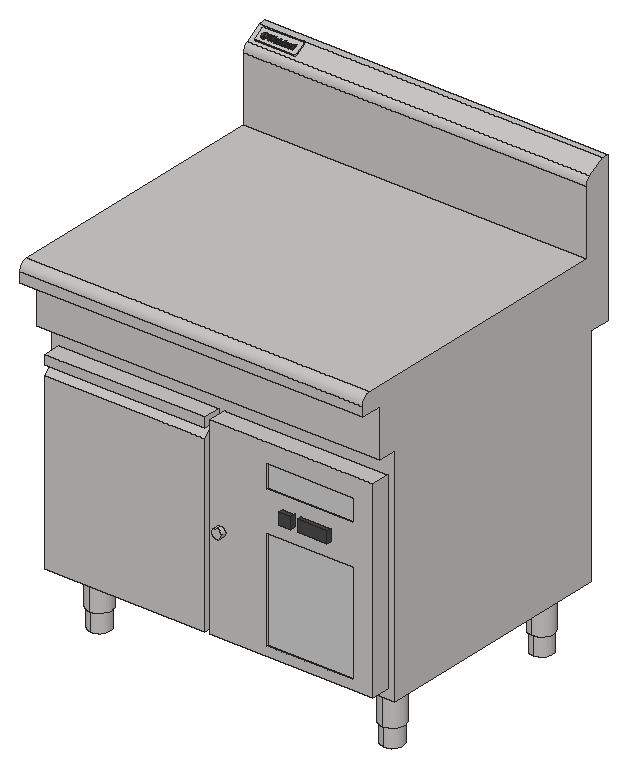
Revit family "QF_MOFFAT WALDORF_BT8900-RB", category Specialty Equipment, Revit 2012
Parameters
  Weight in Pounds = 225.7359  # constant formula
  Width [instance] = 900.00 mm  # constant formula
  Watts = 250 W
  Volts = 240 V
  URL Cutsheet = "www.moffat.com"
  URL = "www.moffat.com"
  Type Mark [instance] = ""
  Status [instance] = ""
  Specification by User [instance] = ""
  Specification by Manufacturer = ""
  Show Logo [instance] = yes
  Show Clearance [instance] = yes
  Show Casters [instance] = no
  Serial Number = ""
  Seismic Rating = ""
  SMACNA No = ""
  Revision Code [instance] = ""
  Refrigerant Type = "R134a"
  Phase = 1
  Omniclass Number and Title = ""
  Number of Poles = 1
  NAFEM Spec ID Number = ""
  Model = "BT8900-RB"
  Min Ckt Ampacity = 0 A
  Max Overcurrent Protection = 0 A
  Masterspec = ""
  Manufacturer = "MOFFAT WALDORF"
  Legs [instance] = not(Show Casters)  # yes
  Item Number [instance] = ""
  Installed By [instance] = ""
  Identify Quantity as Lot [instance] = yes
  Height = 1130.00 mm  # constant formula
  HP = ""
  Furnished By [instance] = ""
  Foodservice Equipment Identifier [instance] = yes
  FL Amps = 1.8 A
  Elec Conn RI Height = 0.00 mm
  Elec Conn Connection Height = 0.00 mm
  Description = "BENCH TOP ON REFRIGERATED BASE"
  Depth [instance] = 805.00 mm  # constant formula
  Cycle = 50 Hz
  Conn Plug = ""
  Conn Conduit = yes
  CSI MasterFormat = ""
  CSI Master Format = ""
  Body Finish = QF_Finishes_Stainless Steel
  Back Splash [instance] = 215.00 mm  # constant formula
  Apparent Power = if(Phase = 3, Volts * FL Amps * 1.73, Volts * FL Amps)  # 432 VA
Reference planes
  plane 1 "BACK": y = 0
  plane 2: z = 0
  plane 3 "LEFT": x = 0
  plane 4 "RIGHT": x = 900
  plane 5 "FRONT": y = -805
  plane 6 "TOP": z = 1130
  plane 7 "Center Y": x = 450
  plane 8 "Center X": y = -402.5
  plane 9 "Base Height": z = 150
  plane 10: z = 915
  plane 11: x = 65
  plane 12: x = 834.938
  plane 13: y = -625
  plane 14: z = 420
  plane 15: y = -135
Forms (mm)
  Extrusion 1, solid, material "QF_Finishes_Stainless Steel" <- "Body Finish"
    sketch origin (0, 0, 0) x (0, 1, 0) y (0, 0, 1)
      loop
        line (-699, 740) -> (-699, 150) -> (-57, 150) -> (-57, 740) -> (0, 740) -> (0, 1130) -> (-16.5, 1130) -> (-58, 1106.04)
        arc (-58, 1106.04) -> (-66.785, 1097.255) -> (-70, 1085.255) r 24
        line (-70, 1085.255) -> (-70, 915) -> (-781, 915)
        arc (-781, 915) -> (-797.971, 907.971) -> (-805, 891) r 24
        line (-805, 891) -> (-805, 866) -> (-749, 866) -> (-749, 740) -> (-699, 740)
    from 0 to 900
  Revolve 2, solid, material "QF_Finishes_Stainless Steel" <- "Body Finish", visible <- "Legs"
    sketch origin (65, -200, 0) x (0, 1, 0) y (0, 0, 1)
      loop
        line (33.25, 150) -> (33.25, 50) -> (37.5, 50) -> (37.5, 0) -> (65, 0) -> (65, 150) -> (33.25, 150)
      axis (65, 150) -> (65, 0)
    angle from 0 to 360
  Revolve 3, solid, material "QF_Finishes_Stainless Steel" <- "Body Finish"
    sketch origin (65, -735, 0) x (0, 1, 0) y (0, 0, 1)
      loop
        line (78.25, 150) -> (78.25, 50) -> (82.5, 50) -> (82.5, 0) -> (110, 0) -> (110, 150) -> (78.25, 150)
      axis (110, 150) -> (110, 0)
    angle from 0 to 360
  Revolve 4, solid, material "QF_Finishes_Stainless Steel" <- "Body Finish", visible <- "Legs"
    sketch origin (834.938, -200, 0) x (0, 1, 0) y (0, 0, -1)
      loop
        line (33.25, -150) -> (65, -150) -> (65, 0) -> (37.5, 0) -> (37.5, -50) -> (33.25, -50) -> (33.25, -150)
      axis (65, -150) -> (65, 0)
    angle from 0 to 360
  Revolve 5, solid, material "QF_Finishes_Stainless Steel" <- "Body Finish"
    sketch origin (834.938, -735, 0) x (0, 1, 0) y (0, 0, -1)
      loop
        line (78.25, -150) -> (110, -150) -> (110, 0) -> (82.5, 0) -> (82.5, -50) -> (78.25, -50) -> (78.25, -150)
      axis (110, -150) -> (110, 0)
    angle from 0 to 360
  Extrusion 6, solid, material "QF_Finishes_Stainless Steel" <- "Body Finish"
    sketch origin (0, 0, 0) x (0, 1, 0) y (0, 0, 1)
      loop
        line (-747, 678) -> (-747, 653) -> (-722, 653) -> (-747, 628) -> (-747, 173.1) -> (-702.18, 173.1) -> (-702.18, 678) -> (-747, 678)
    from 19 to 439
  Extrusion 7, solid, material "QF_Finishes_Stainless Steel" <- "Body Finish"
    sketch origin (0, -699, 1085.255) x (0, 0, -1) y (1, 0, 0)
      loop
        line (408.155, 881) -> (408.155, 453) -> (912.155, 453) -> (912.155, 881) -> (408.155, 881)
      loop
        line (887.155, 831) -> (622.155, 831) -> (622.155, 601) -> (887.155, 601) -> (887.155, 831)
      loop
        line (458.155, 831) -> (458.155, 601) -> (518.155, 601) -> (518.155, 831) -> (458.155, 831)
    from 0 to 48
  Extrusion 8, solid, material "QF_Finishes_Vents"
    sketch origin (0, -699, 1085.255) x (0, 0, 1) y (1, 0, 0)
      loop
        line (-518.155, 601) -> (-458.155, 601) -> (-458.155, 831) -> (-518.155, 831) -> (-518.155, 601)
      loop
        line (-622.155, 601) -> (-622.155, 831) -> (-887.155, 831) -> (-887.155, 601) -> (-622.155, 601)
    from 0 to -44.529
  Extrusion 9, solid, material "QF_Finishes_Black"
    sketch origin (0, -747, 1085.255) x (0, 0, -1) y (1, 0, 0)
      loop
        line (552.615, 644.926) -> (582.615, 644.926) -> (582.615, 674.926) -> (552.615, 674.926) -> (552.615, 644.926)
      loop
        line (552.615, 692.503) -> (582.615, 692.503) -> (582.615, 770.815) -> (552.615, 770.815) -> (552.615, 692.503)
    from 0 to 12.7
  Extrusion 10, solid, material "QF_Finishes_Stainless Steel"
    sketch origin (0, -747, 1085.255) x (0, 0, -1) y (1, 0, 0)
      loop
        circle (661.385, 480.856) r 12.395
    from 0 to 12.7
  Extrusion 11, solid, material "QF_Finishes_Stainless Steel"
    sketch origin (-144.5, -57, 740) x (0, 0, -1) y (-1, 0, 0)
      loop
        circle (320, -762.653) r 10
    from 0 to 1.993
  Extrusion 12, solid, material "QF_Door-Drawer Clearances", visible <- "Show Clearance", detail levels coarse
    sketch origin (0, -697, 173.1) x (-1, 0, 0) y (0, 1, 0)
      loop
        line (-19, -50) -> (-439, -50)
        arc (-439, -50) -> (-315.985, -346.985) -> (-19, -470) r 420
        line (-19, -470) -> (-19, -50)
    from 0 to -504.9
Lines and regions (mm)
  symbolic lines
    curve 1: line (0, 0, 0) -> (0, -805, 0)
    curve 2: line (900, 0, 0) -> (0, 0, 0)
    curve 3: line (900, -805, 0) -> (900, 0, 0)
    curve 4: line (0, -70, 0) -> (900, -70, 0)
    curve 5: line (0, -805, 0) -> (900, -805, 0)
    curve 6: line (12.5, -51.234, 0) -> (12.5, -20.958, 0)
    curve 7: line (121.5, -20.958, 0) -> (121.5, -51.234, 0)
    curve 8: line (12.5, -51.234, 0) -> (121.5, -51.234, 0)
    curve 9: line (12.5, -20.958, 0) -> (121.5, -20.958, 0)
    curve 10: line (129.5, -50.642, 0) -> (129.5, -22.583, 0)
    curve 11: line (129.5, -22.583, 0) -> (149.5, -22.583, 0)
    curve 12: line (149.5, -22.583, 0) -> (149.5, -50.642, 0)
    curve 13: line (149.5, -50.642, 0) -> (129.5, -50.642, 0)
    curve 14: line (156.456, -50.642, 0) -> (156.456, -22.583, 0)
    curve 15: line (156.456, -22.583, 0) -> (176.456, -22.583, 0)
    curve 16: line (176.456, -22.583, 0) -> (176.456, -50.642, 0)
    curve 17: line (176.456, -50.642, 0) -> (156.456, -50.642, 0)
    curve 18: line (183.554, -50.642, 0) -> (183.554, -22.583, 0)
    curve 19: line (183.554, -22.583, 0) -> (203.554, -22.583, 0)
    curve 20: line (203.554, -22.583, 0) -> (203.554, -50.642, 0)
    curve 21: line (203.554, -50.642, 0) -> (183.554, -50.642, 0)
    curve 22: line (210.547, -50.642, 0) -> (210.547, -22.583, 0)
    curve 23: line (210.547, -22.583, 0) -> (230.547, -22.583, 0)
    curve 24: line (230.547, -22.583, 0) -> (230.547, -50.642, 0)
    curve 25: line (230.547, -50.642, 0) -> (210.547, -50.642, 0)
    curve 26: line (237.5, -50.642, 0) -> (237.5, -22.583, 0)
    curve 27: line (237.5, -22.583, 0) -> (257.5, -22.583, 0)
    curve 28: line (257.5, -22.583, 0) -> (257.5, -50.642, 0)
    curve 29: line (257.5, -50.642, 0) -> (237.5, -50.642, 0)
    curve 30: line (264.5, -50.642, 0) -> (264.5, -22.583, 0)
    curve 31: line (264.5, -22.583, 0) -> (284.5, -22.583, 0)
    curve 32: line (284.5, -22.583, 0) -> (284.5, -50.642, 0)
    curve 33: line (284.5, -50.642, 0) -> (264.5, -50.642, 0)
    curve 34: line (291.5, -50.642, 0) -> (291.5, -22.583, 0)
    curve 35: line (291.5, -22.583, 0) -> (311.5, -22.583, 0)
    curve 36: line (311.5, -22.583, 0) -> (311.5, -50.642, 0)
    curve 37: line (311.5, -50.642, 0) -> (291.5, -50.642, 0)
    curve 38: line (318.5, -50.642, 0) -> (318.5, -22.583, 0)
    curve 39: line (318.5, -22.583, 0) -> (338.5, -22.583, 0)
    curve 40: line (338.5, -22.583, 0) -> (338.5, -50.642, 0)
    curve 41: line (338.5, -50.642, 0) -> (318.5, -50.642, 0)
    curve 42: line (345.5, -50.642, 0) -> (345.5, -22.583, 0)
    curve 43: line (345.5, -22.583, 0) -> (365.5, -22.583, 0)
    curve 44: line (365.5, -22.583, 0) -> (365.5, -50.642, 0)
    curve 45: line (365.5, -50.642, 0) -> (345.5, -50.642, 0)
    curve 46: line (372.5, -50.642, 0) -> (372.5, -22.583, 0)
    curve 47: line (372.5, -22.583, 0) -> (392.5, -22.583, 0)
    curve 48: line (392.5, -22.583, 0) -> (392.5, -50.642, 0)
    curve 49: line (392.5, -50.642, 0) -> (372.5, -50.642, 0)
    curve 50: line (399.5, -50.642, 0) -> (399.5, -22.583, 0)
    curve 51: line (399.5, -22.583, 0) -> (419.5, -22.583, 0)
    curve 52: line (419.5, -22.583, 0) -> (419.5, -50.642, 0)
    curve 53: line (419.5, -50.642, 0) -> (399.5, -50.642, 0)
    curve 54: line (426.5, -50.642, 0) -> (426.5, -22.583, 0)
    curve 55: line (426.5, -22.583, 0) -> (446.5, -22.583, 0)
    curve 56: line (446.5, -22.583, 0) -> (446.5, -50.642, 0)
    curve 57: line (446.5, -50.642, 0) -> (426.5, -50.642, 0)
    curve 58: line (453.5, -50.642, 0) -> (453.5, -22.583, 0)
    curve 59: line (453.5, -22.583, 0) -> (473.5, -22.583, 0)
    curve 60: line (473.5, -22.583, 0) -> (473.5, -50.642, 0)
    curve 61: line (473.5, -50.642, 0) -> (453.5, -50.642, 0)
    curve 62: line (480.5, -50.642, 0) -> (480.5, -22.583, 0)
    curve 63: line (480.5, -22.583, 0) -> (500.5, -22.583, 0)
    curve 64: line (500.5, -22.583, 0) -> (500.5, -50.642, 0)
    curve 65: line (500.5, -50.642, 0) -> (480.5, -50.642, 0)
    curve 66: line (507.5, -50.642, 0) -> (507.5, -22.583, 0)
    curve 67: line (507.5, -22.583, 0) -> (527.5, -22.583, 0)
    curve 68: line (527.5, -22.583, 0) -> (527.5, -50.642, 0)
    curve 69: line (527.5, -50.642, 0) -> (507.5, -50.642, 0)
    curve 70: line (534.5, -50.642, 0) -> (534.5, -22.583, 0)
    curve 71: line (534.5, -22.583, 0) -> (554.5, -22.583, 0)
    curve 72: line (554.5, -22.583, 0) -> (554.5, -50.642, 0)
    curve 73: line (554.5, -50.642, 0) -> (534.5, -50.642, 0)
    curve 74: line (561.5, -50.642, 0) -> (561.5, -22.583, 0)
    curve 75: line (561.5, -22.583, 0) -> (581.5, -22.583, 0)
    curve 76: line (581.5, -22.583, 0) -> (581.5, -50.642, 0)
    curve 77: line (581.5, -50.642, 0) -> (561.5, -50.642, 0)
    curve 78: line (588.5, -50.642, 0) -> (588.5, -22.583, 0)
    curve 79: line (588.5, -22.583, 0) -> (608.5, -22.583, 0)
    curve 80: line (608.5, -22.583, 0) -> (608.5, -50.642, 0)
    curve 81: line (608.5, -50.642, 0) -> (588.5, -50.642, 0)
    curve 82: line (615.5, -50.642, 0) -> (615.5, -22.583, 0)
    curve 83: line (615.5, -22.583, 0) -> (635.5, -22.583, 0)
    curve 84: line (635.5, -22.583, 0) -> (635.5, -50.642, 0)
    curve 85: line (635.5, -50.642, 0) -> (615.5, -50.642, 0)
    curve 86: line (642.5, -50.642, 0) -> (642.5, -22.583, 0)
    curve 87: line (642.5, -22.583, 0) -> (662.5, -22.583, 0)
    curve 88: line (662.5, -22.583, 0) -> (662.5, -50.642, 0)
    curve 89: line (662.5, -50.642, 0) -> (642.5, -50.642, 0)
    curve 90: line (669.5, -50.642, 0) -> (669.5, -22.583, 0)
    curve 91: line (669.5, -22.583, 0) -> (689.5, -22.583, 0)
    curve 92: line (689.5, -22.583, 0) -> (689.5, -50.642, 0)
    curve 93: line (689.5, -50.642, 0) -> (669.5, -50.642, 0)
    curve 94: line (696.5, -50.642, 0) -> (696.5, -22.583, 0)
    curve 95: line (696.5, -22.583, 0) -> (716.5, -22.583, 0)
    curve 96: line (716.5, -22.583, 0) -> (716.5, -50.642, 0)
    curve 97: line (716.5, -50.642, 0) -> (696.5, -50.642, 0)
    curve 98: line (723.5, -50.642, 0) -> (723.5, -22.583, 0)
    curve 99: line (723.5, -22.583, 0) -> (743.5, -22.583, 0)
    curve 100: line (743.5, -22.583, 0) -> (743.5, -50.642, 0)
    curve 101: line (743.5, -50.642, 0) -> (723.5, -50.642, 0)
    curve 102: line (750.5, -50.642, 0) -> (750.5, -22.583, 0)
    curve 103: line (750.5, -22.583, 0) -> (770.5, -22.583, 0)
    curve 104: line (770.5, -22.583, 0) -> (770.5, -50.642, 0)
    curve 105: line (770.5, -50.642, 0) -> (750.5, -50.642, 0)
  symbolic lines, style "QF_Door-Drawer Clearances"
    curve 106: line (77, -805, 0) -> (315.985, -1043.985, 0)
    curve 107: arc (434.976, -805, 0) -> (394.974, -934.199, 0) -> (315.985, -1043.985, 0) r 420
Dimensions and locks
  equal spacing: plane 3 "LEFT", plane 7 "Center Y", plane 4 "RIGHT"
  "Width": plane 3 "LEFT" to plane 4 "RIGHT"
  equal spacing: plane 5 "FRONT", plane 8 "Center X", plane 1 "BACK"
  "Depth": plane 5 "FRONT" to plane 1 "BACK"
  locked: plane 10 to level at 915
  locked: plane 9 "Base Height" to level at 150
  plane 6 "TOP" to nested 1 to nested 1 to plane 10 = 1.099 mm locked, 17.226 mm locked, 196.675 mm
  plane 12 to plane 11 = 769.938 mm
  "Height": plane 6 "TOP" to level
  plane 13 to plane 15 = 490.00 mm
  aligned and locked: level to plane 2
Automatic sketch dimensions
  Revolve 2 sketch curve to plane 9 "Base Height" = 0.00 mm
  Revolve 2 sketch curve to level = 0.00 mm
  Revolve 2 sketch curve to Revolve 2 sketch curve = 27.50 mm  (x2)
  Revolve 2 sketch curve to Revolve 2 sketch curve = 31.75 mm
  Revolve 2 sketch curve to level = 55.00 mm
  Revolve 2 sketch curve to Revolve 2 sketch curve = 50.00 mm
  Revolve 2 sketch curve to Revolve 2 sketch curve = 0.00 mm
  Revolve 3 sketch curve to plane 9 "Base Height" = 0.00 mm
  Revolve 3 sketch curve to level = 0.00 mm
  Revolve 3 sketch curve to plane 13 = 0.00 mm  (x2)
  Revolve 3 sketch curve to plane 13 = 27.50 mm
  Revolve 3 sketch curve to Revolve 3 sketch curve = 31.75 mm
  Revolve 3 sketch curve to Revolve 3 sketch curve = 55.00 mm
  level to Revolve 3 sketch curve = 50.00 mm
  Revolve 3 sketch curve to Revolve 3 sketch curve = 0.00 mm
  Revolve 4 sketch curve to plane 9 "Base Height" = 0.00 mm
  Revolve 4 sketch curve to level = 0.00 mm
  Revolve 4 sketch curve to Revolve 4 sketch curve = 27.50 mm  (x2)
  Revolve 4 sketch curve to Revolve 4 sketch curve = 31.75 mm
  level to Revolve 4 sketch curve = 50.00 mm
  Revolve 4 sketch curve to Revolve 4 sketch curve = 0.00 mm
  Revolve 4 sketch curve to Revolve 4 sketch curve = 55.00 mm
  Revolve 5 sketch curve to plane 9 "Base Height" = 0.00 mm
  Revolve 5 sketch curve to level = 0.00 mm
  Revolve 5 sketch curve to plane 13 = 0.00 mm  (x2)
  Revolve 5 sketch curve to plane 13 = 27.50 mm
  Revolve 5 sketch curve to plane 13 = 31.75 mm
  level to Revolve 5 sketch curve = 50.00 mm
  Revolve 5 sketch curve to Revolve 5 sketch curve = 0.00 mm
  Revolve 5 sketch curve to Revolve 5 sketch curve = 55.00 mm
  Extrusion 6 sketch curve to plane 5 "FRONT" = 58.00 mm
  Extrusion 6 sketch curve to Extrusion 6 sketch curve = 25.00 mm  (x3)
  Extrusion 6 sketch curve to Extrusion 6 sketch curve = 19.82 mm
  Extrusion 6 sketch curve to Extrusion 6 sketch curve = 454.90 mm
  Extrusion 7 sketch curve to Extrusion 7 sketch curve = 50.00 mm  (x2)
  Extrusion 7 sketch curve to Extrusion 7 sketch curve = 25.00 mm
  Extrusion 7 sketch curve to Extrusion 7 sketch curve = 148.00 mm  (x2)
  Extrusion 7 sketch curve to Extrusion 7 sketch curve = 60.00 mm
  Extrusion 7 sketch curve to Extrusion 7 sketch curve = 265.00 mm
  Extrusion 1 sketch curve to plane 5 "FRONT" = 0.00 mm
  Extrusion 1 sketch curve to plane 10 = 0.00 mm
  Extrusion 1 sketch curve to plane 9 "Base Height" = 0.00 mm
  Extrusion 1 sketch curve to plane 6 "TOP" = 0.00 mm
  Extrusion 1 sketch curve to plane 5 "FRONT" = 24.00 mm
  Extrusion 1 sketch curve to plane 5 "FRONT" = 56.00 mm
  Extrusion 1 sketch curve to plane 13 = 74.00 mm
  Extrusion 1 sketch curve to plane 6 "TOP" = 23.96 mm
  Extrusion 1 sketch curve to Extrusion 1 sketch curve = 12.00 mm  (x2)
  Extrusion 1 sketch curve to Extrusion 1 sketch curve = 16.50 mm
  Extrusion 1 sketch curve to plane 10 = 175.00 mm
  Extrusion 1 sketch curve to Extrusion 1 sketch curve = 151.00 mm
  Extrusion 1 sketch curve to Extrusion 1 sketch curve = 25.00 mm
  Extrusion 1 sketch curve to plane 1 "BACK" = 0.00 mm
  Extrusion 7 to Extrusion 8 sketch curve = 0.00 mm  (x2)
  Extrusion 8 sketch curve to Extrusion 7 = 0.00 mm  (x6)
  Extrusion 9 sketch curve to Extrusion 7 = 34.46 mm  (x2)
  Extrusion 9 sketch curve to Extrusion 9 sketch curve = 30.00 mm  (x2)
  Extrusion 9 sketch curve to Extrusion 9 sketch curve = 0.00 mm
  Extrusion 7 to Extrusion 9 sketch curve = 43.926 mm
  Extrusion 9 sketch curve to Extrusion 9 sketch curve = 17.577 mm
  Extrusion 7 to Extrusion 9 sketch curve = 60.185 mm
  Extrusion 7 to Extrusion 10 sketch curve = 39.229 mm
  Extrusion 10 sketch curve to Extrusion 7 = 27.856 mm
  Extrusion 11 sketch curve to Extrusion 1 = 320.00 mm
  Extrusion 1 to Extrusion 11 sketch curve = 281.847 mm
  Extrusion 6 sketch curve to plane 14 = 246.90 mm
  Extrusion 6 sketch curve to Extrusion 6 sketch curve = 44.82 mm
  Extrusion 12 sketch curve to Extrusion 6 = 0.00 mm  (x3)
  curve 1 to plane 3 "LEFT" = 0.00 mm
  plane 5 "FRONT" to curve 107 = 0.00 mm
  curve 3 to plane 4 "RIGHT" = 0.00 mm
  plane 1 "BACK" to curve 2 = 0.00 mm
  plane 3 "LEFT" to curve 6 = 12.50 mm
  plane 3 "LEFT" to curve 107 = 19.00 mm
  plane 11 to curve 106 = 12.00 mm
  plane 1 "BACK" to curve 7 = 20.958 mm
  plane 11 to curve 7 = 56.50 mm
  curve 7 to curve 11 = 8.00 mm
  curve 10 to curve 12 = 20.00 mm
  curve 12 to curve 17 = 6.956 mm
  curve 14 to curve 16 = 20.00 mm
  curve 15 to curve 19 = 7.098 mm
  curve 18 to curve 20 = 20.00 mm
  curve 19 to curve 22 = 6.993 mm
  curve 22 to curve 24 = 20.00 mm
  curve 24 to curve 26 = 6.953 mm
  curve 26 to curve 29 = 20.00 mm
  curve 27 to curve 31 = 7.00 mm
  curve 30 to curve 32 = 20.00 mm
  curve 31 to curve 34 = 7.00 mm
  curve 34 to curve 36 = 20.00 mm
  curve 107 to plane 7 "Center Y" = 134.015 mm
  curve 36 to curve 38 = 7.00 mm
  curve 38 to curve 39 = 20.00 mm
  curve 40 to curve 45 = 7.00 mm
  curve 42 to curve 44 = 20.00 mm
  curve 44 to curve 49 = 7.00 mm
  curve 46 to curve 47 = 20.00 mm
  curve 48 to curve 50 = 7.00 mm
  curve 50 to curve 51 = 20.00 mm
  curve 51 to curve 54 = 7.00 mm
  curve 107 to plane 7 "Center Y" = 15.024 mm
  curve 56 to plane 7 "Center Y" = 3.50 mm
  plane 7 "Center Y" to curve 58 = 3.50 mm
  curve 58 to curve 60 = 20.00 mm
  curve 60 to curve 62 = 7.00 mm
  curve 62 to curve 64 = 20.00 mm
  curve 64 to curve 66 = 7.00 mm
  curve 66 to curve 68 = 20.00 mm
  curve 68 to curve 70 = 7.00 mm
  curve 70 to curve 72 = 20.00 mm
  curve 71 to curve 74 = 7.00 mm
  curve 74 to curve 76 = 20.00 mm
  curve 76 to curve 78 = 7.00 mm
  curve 78 to curve 80 = 20.00 mm
  curve 80 to curve 82 = 7.00 mm
  curve 82 to curve 84 = 20.00 mm
  curve 84 to curve 86 = 7.00 mm
  curve 86 to curve 88 = 20.00 mm
  curve 88 to curve 90 = 7.00 mm
  curve 90 to curve 92 = 20.00 mm
  curve 92 to curve 94 = 7.00 mm
  curve 94 to curve 96 = 20.00 mm
  curve 95 to curve 98 = 7.00 mm
  curve 98 to curve 100 = 20.00 mm
  curve 99 to curve 102 = 7.00 mm
  curve 102 to curve 104 = 20.00 mm
  plane 5 "FRONT" to curve 107 = 238.985 mm
  curve 8 to curve 7 = 30.277 mm
  curve 7 to curve 10 = 0.592 mm
  curve 101 to curve 102 = 0.00 mm
  curve 12 to curve 14 = 0.00 mm  (x2)
  curve 97 to curve 98 = 0.00 mm
  curve 16 to curve 18 = 0.00 mm  (x2)
  curve 93 to curve 94 = 0.00 mm
  curve 20 to curve 22 = 0.00 mm  (x2)
  curve 89 to curve 90 = 0.00 mm
  curve 24 to curve 26 = 0.00 mm  (x2)
  curve 85 to curve 86 = 0.00 mm
  curve 28 to curve 30 = 0.00 mm  (x2)
  curve 81 to curve 82 = 0.00 mm
  curve 32 to curve 34 = 0.00 mm  (x2)
  curve 77 to curve 78 = 0.00 mm
  curve 36 to curve 38 = 0.00 mm  (x2)
  curve 73 to curve 74 = 0.00 mm
  curve 40 to curve 42 = 0.00 mm  (x2)
  curve 69 to curve 70 = 0.00 mm
  curve 44 to curve 46 = 0.00 mm  (x2)
  curve 65 to curve 66 = 0.00 mm
  curve 48 to curve 50 = 0.00 mm  (x2)
  curve 61 to curve 62 = 0.00 mm
  curve 52 to curve 54 = 0.00 mm  (x2)
  plane 1 "BACK" to curve 56 = 22.583 mm
  curve 55 to curve 58 = 0.00 mm
  curve 59 to curve 62 = 0.00 mm
  curve 63 to curve 66 = 0.00 mm
  curve 67 to curve 70 = 0.00 mm
  curve 71 to curve 74 = 0.00 mm
  curve 75 to curve 78 = 0.00 mm
  curve 79 to curve 82 = 0.00 mm
  curve 83 to curve 86 = 0.00 mm
  curve 87 to curve 90 = 0.00 mm
  curve 91 to curve 94 = 0.00 mm
  curve 95 to curve 98 = 0.00 mm
  curve 99 to curve 102 = 0.00 mm
  curve 4 to curve 6 = 18.766 mm
  curve 105 to curve 102 = 28.059 mm
  plane 1 "BACK" to Extrusion 1 sketch curve = 70.00 mm
  plane 1 "BACK" to Extrusion 1 sketch curve = 57.00 mm
  plane 1 "BACK" to Revolve 2 sketch curve = 166.75 mm
  plane 1 "BACK" to Revolve 4 sketch curve = 166.75 mm
  plane 7 "Center Y" to Extrusion 7 sketch curve = 3.00 mm
  Extrusion 7 sketch curve to plane 10 = 237.90 mm
  plane 14 to Extrusion 7 sketch curve = 43.10 mm
  plane 12 to Extrusion 7 sketch curve = 3.937 mm  (x2)
  radius of Extrusion 10 sketch curve = 12.395 mm
  radius of Extrusion 11 sketch curve = 10.00 mm
Nested families
  nested 1: "WALDORF-LOGO" at (12.5, -35.273, 1102.604), visible <- "Show Logo", type "WALDORF-LOGO", detail levels medium+fine
    with Type Mark "", Status "", Specification by User "", Revision Code "", Item Number "", Installed By "", Identify Quantity as Lot yes, Furnished By "", Foodservice Equipment Identifier yes
  nested 2: "BT8900-RB-CASTERS" at (65, -135, 0), Show Casters <- "Show Casters", visible <- "Show Casters", type "BT8900-RB-CASTERS"
    with Type Mark "", Status "", Specification by User "", Show Casters no, Revision Code "", Item Number "", Installed By "", Identify Quantity as Lot yes, Furnished By "", Foodservice Equipment Identifier yes
  nested 3: "BT8900-RB-CASTERS" at (835, -135, 0), Show Casters <- "Show Casters", visible <- "Show Casters", type "BT8900-RB-CASTERS"
    with Type Mark "", Status "", Specification by User "", Show Casters no, Revision Code "", Item Number "", Installed By "", Identify Quantity as Lot yes, Furnished By "", Foodservice Equipment Identifier yes
Connectors
  electrical at (618.153, -55.007, 420), driven by "Volts", driven by "Watts"
    settings: on Extrusion 11, index 1, voltage 240 V, apparent load 250 VA, apparent load phase1 0 VA, apparent load phase2 0 VA, apparent load phase3 0 VA, power factor 1, load classification "Other", number of poles 1, system type 30, power factor state 1, is connector primary yes, connector utility no, sub classification motor no, connector description "ELECTRICAL CONNECTION"
Definition of nested family "WALDORF-LOGO"
  Parameters (values of type "BT8300-CB-LOGO")
    Weight in Pounds = 0
    URL Cutsheet = ""
    Type Mark [instance] = ""
    Status [instance] = ""
    Specification by User [instance] = ""
    Specification by Manufacturer = ""
    Show Logo [instance] = yes
    Serial Number = ""
    Seismic Rating = ""
    SMACNA No = ""
    Revision Code [instance] = ""
    Omniclass Number and Title = ""
    NAFEM Spec ID Number = ""
    Masterspec = ""
    Item Number [instance] = ""
    Installed By [instance] = ""
    Identify Quantity as Lot [instance] = yes
    Furnished By [instance] = ""
    Foodservice Equipment Identifier [instance] = yes
    CSI MasterFormat = ""
    CSI Master Format = ""
  Reference planes
    plane 1 "BACK": y = 0
    plane 2: z = 0
    plane 3 "LEFT": x = 0
    plane 4 "RIGHT": x = 109
    plane 5 "FRONT": y = -1.588
    plane 6 "TOP": z = 34.14
    plane 7 "Center Y": x = 54.5
    plane 8 "Center X": y = -0.794
  Forms (mm)
    Extrusion 1, solid, material "QF_Finishes_Stainless Steel", visible <- "Show Logo"
      sketch origin (0, -15.16, 7.701) x (1, 0, 0) y (0, 0.863373, 0.504566)
        loop
          arc (5, 34.14) -> (1.464, 32.676) -> (0, 29.14) r 5
          line (0, 29.14) -> (0, 5)
          arc (0, 5) -> (1.464, 1.464) -> (5, 0) r 5
          line (5, 0) -> (104, 0)
          arc (104, 0) -> (107.536, 1.464) -> (109, 5) r 5
          line (109, 5) -> (109, 29.14)
          arc (109, 29.14) -> (107.536, 32.676) -> (104, 34.14) r 5
          line (104, 34.14) -> (5, 34.14)
      from 0 to 1.588
    Extrusion 2, solid, material "QF_Finishes_Black", visible <- "Show Logo"
      sketch origin (0, -15.961, 9.072) x (1, 0, 0) y (0, 0.863373, 0.504566)
        loop
          line (24.772, 23.214) -> (27.992, 10.301) -> (31.551, 10.301) -> (33.443, 17.364) -> (35.205, 10.301) -> (39.332, 10.301) -> (42.077, 23.214) -> (38.352, 23.214) -> (36.676, 15.33) -> (35, 23.214) -> (31.752, 23.214) -> (30.076, 15.33) -> (28.4, 23.214) -> (24.772, 23.214)
        loop
          line (42.272, 17.055) -> (45.703, 17.055)
          spline (45.703, 17.055) -> (45.741, 17.285) -> (45.852, 17.499) -> (46.028, 17.682) -> (46.258, 17.823) -> (46.526, 17.912) -> (46.813, 17.942) -> (47.1, 17.912) -> (47.368, 17.823) -> (47.597, 17.682) -> (47.774, 17.499) -> (47.884, 17.285) -> (47.922, 17.055)
          line (47.922, 17.055) -> (47.922, 16.222)
          arc (47.922, 16.222) -> (45.742, 16.014) -> (43.665, 15.317) r 9.604
          arc (43.665, 15.317) -> (41.924, 12.809) -> (43.665, 10.301) r 2.677
          arc (43.665, 10.301) -> (45.527, 10.353) -> (47.332, 10.816) r 8.365
          line (47.332, 10.816) -> (48.092, 11.105) -> (48.092, 10.301) -> (51.817, 10.301) -> (51.817, 17.055)
          spline (51.817, 17.055) -> (51.654, 17.821) -> (51.178, 18.535) -> (50.419, 19.148) -> (49.431, 19.619) -> (48.28, 19.914) -> (47.044, 20.015) -> (45.809, 19.914) -> (44.658, 19.619) -> (43.67, 19.148) -> (42.911, 18.535) -> (42.434, 17.821) -> (42.272, 17.055)
        loop
          line (53.151, 23.214) -> (53.151, 10.301) -> (57.37, 10.301) -> (57.37, 23.214) -> (53.151, 23.214)
        loop
          line (64.874, 23.214) -> (64.874, 18.857)
          arc (64.874, 18.857) -> (58.083, 15.11) -> (64.874, 11.363) r 4.429
          line (64.874, 11.363) -> (64.874, 10.301) -> (68.378, 10.301) -> (68.378, 23.214) -> (64.874, 23.214)
        loop
          arc (64.874, 16.083) -> (61.41, 14.987) -> (64.874, 13.891) r 1.905
          line (64.874, 13.891) -> (64.874, 16.083)
        loop
          circle (74.623, 15.223) r 5
        loop
          spline (74.623, 17.856) -> (74.355, 17.766) -> (74.105, 17.503) -> (73.891, 17.084) -> (73.726, 16.539) -> (73.623, 15.904) -> (73.588, 15.223) -> (73.623, 14.541) -> (73.726, 13.906) -> (73.891, 13.361) -> (74.105, 12.942) -> (74.355, 12.679) -> (74.623, 12.59)
          spline (74.623, 12.59) -> (74.891, 12.679) -> (75.141, 12.942) -> (75.355, 13.361) -> (75.52, 13.906) -> (75.623, 14.541) -> (75.659, 15.223) -> (75.623, 15.904) -> (75.52, 16.539) -> (75.355, 17.084) -> (75.141, 17.503) -> (74.891, 17.766) -> (74.623, 17.856)
        loop
          line (81.255, 19.813) -> (81.255, 10.301) -> (84.834, 10.301) -> (84.834, 14.176)
          arc (84.834, 14.176) -> (85.854, 16.093) -> (88.013, 16.32) r 2.313
          line (88.013, 16.32) -> (88.013, 19.813) -> (87.161, 19.813)
          arc (87.161, 19.813) -> (85.526, 19.266) -> (84.549, 17.844) r 2.717
          line (84.549, 17.844) -> (84.549, 19.813) -> (81.255, 19.813)
        loop
          line (90.249, 19.813) -> (88.91, 19.813) -> (88.91, 17.614) -> (90.249, 17.614) -> (90.249, 10.301) -> (93.998, 10.301) -> (93.998, 17.614) -> (95.418, 17.614) -> (95.418, 19.813) -> (93.998, 19.813)
          arc (93.998, 19.813) -> (94.414, 20.817) -> (95.418, 21.233) r 1.42
          line (95.418, 21.233) -> (95.418, 23.602) -> (93.317, 23.602)
          arc (93.317, 23.602) -> (91.343, 22.903) -> (90.249, 21.118) r 3.137
          line (90.249, 21.118) -> (90.249, 19.813)
        loop
          arc (15.241, 23.571) -> (8.392, 16.525) -> (15.241, 9.479) r 7.049
          line (15.241, 9.479) -> (15.241, 23.571)
        loop
          line (15.641, 23.571) -> (15.641, 9.479)
          arc (15.641, 9.479) -> (22.49, 16.525) -> (15.641, 23.571) r 7.049
        loop
          arc (47.922, 14.711) -> (46.266, 13.749) -> (47.922, 12.787) r 1.107
          line (47.922, 12.787) -> (47.922, 14.711)
      from 0 to 0.2
  Dimensions and locks
    equal spacing: plane 3 "LEFT", plane 7 "Center Y", plane 4 "RIGHT"
    plane 3 "LEFT" to plane 4 "RIGHT" = 109.00 mm
    equal spacing: plane 5 "FRONT", plane 8 "Center X", plane 1 "BACK"
    plane 5 "FRONT" to plane 1 "BACK" = 1.588 mm
    aligned and locked: level to plane 2
  Automatic sketch dimensions
    Extrusion 1 sketch curve to plane 3 "LEFT" = 0.00 mm
    Extrusion 1 sketch curve to plane 4 "RIGHT" = 0.00 mm
    plane 3 "LEFT" to Extrusion 1 sketch curve = 5.00 mm  (x2)
    plane 4 "RIGHT" to Extrusion 1 sketch curve = 5.00 mm  (x2)
    Extrusion 1 sketch curve to Extrusion 1 sketch curve = 24.14 mm
    Extrusion 2 sketch curve to Extrusion 2 sketch curve = 0.00 mm  (x14)
    Extrusion 2 sketch curve to Extrusion 1 = 15.241 mm
    Extrusion 2 sketch curve to Extrusion 2 sketch curve = 0.20 mm
    Extrusion 2 sketch curve to Extrusion 2 sketch curve = 0.40 mm
    Extrusion 2 sketch curve to Extrusion 2 sketch curve = 9.131 mm
    Extrusion 2 sketch curve to Extrusion 1 = 10.301 mm  (x2)
    Extrusion 2 sketch curve to Extrusion 2 sketch curve = 12.351 mm
    Extrusion 2 sketch curve to Extrusion 2 sketch curve = 3.628 mm
    Extrusion 2 sketch curve to Extrusion 2 sketch curve = 2.084 mm
    Extrusion 2 sketch curve to Extrusion 2 sketch curve = 3.559 mm
    Extrusion 2 sketch curve to Extrusion 1 = 10.926 mm  (x2)
    Extrusion 2 sketch curve to Extrusion 2 sketch curve = 3.352 mm  (x2)
    Extrusion 2 sketch curve to Extrusion 2 sketch curve = 3.367 mm
    Extrusion 2 sketch curve to Extrusion 2 sketch curve = 3.249 mm
    Extrusion 2 sketch curve to Extrusion 2 sketch curve = 3.654 mm
    Extrusion 2 sketch curve to Extrusion 1 = 15.33 mm
    Extrusion 2 sketch curve to Extrusion 2 sketch curve = 3.233 mm
    Extrusion 2 sketch curve to Extrusion 2 sketch curve = 4.128 mm
    Extrusion 2 sketch curve to Extrusion 2 sketch curve = 3.725 mm
    Extrusion 2 sketch curve to Extrusion 2 sketch curve = 5.596 mm
    Extrusion 2 sketch curve to Extrusion 2 sketch curve = 4.333 mm
    Extrusion 2 sketch curve to Extrusion 2 sketch curve = 1.394 mm
    Extrusion 2 sketch curve to Extrusion 2 sketch curve = 2.092 mm
    Extrusion 2 sketch curve to Extrusion 2 sketch curve = 0.936 mm
    Extrusion 2 sketch curve to Extrusion 2 sketch curve = 1.34 mm
    Extrusion 2 sketch curve to Extrusion 2 sketch curve = 1.109 mm
    Extrusion 2 sketch curve to Extrusion 2 sketch curve = 0.232 mm
    Extrusion 2 sketch curve to Extrusion 2 sketch curve = 2.731 mm
    Extrusion 2 sketch curve to Extrusion 2 sketch curve = 0.549 mm  (x2)
    Extrusion 2 sketch curve to Extrusion 2 sketch curve = 0.407 mm
    Extrusion 2 sketch curve to Extrusion 2 sketch curve = 0.76 mm
    Extrusion 2 sketch curve to Extrusion 2 sketch curve = 1.334 mm
    Extrusion 2 sketch curve to Extrusion 2 sketch curve = 4.219 mm
    Extrusion 2 sketch curve to Extrusion 2 sketch curve = 5.142 mm
    Extrusion 2 sketch curve to Extrusion 2 sketch curve = 0.803 mm
    Extrusion 2 sketch curve to Extrusion 2 sketch curve = 1.558 mm
    Extrusion 2 sketch curve to Extrusion 2 sketch curve = 3.504 mm
    Extrusion 2 sketch curve to Extrusion 2 sketch curve = 6.245 mm
    Extrusion 2 sketch curve to Extrusion 2 sketch curve = 6.632 mm
    Extrusion 2 sketch curve to Extrusion 2 sketch curve = 3.294 mm
    Extrusion 2 sketch curve to Extrusion 2 sketch curve = 3.579 mm
    Extrusion 2 sketch curve to Extrusion 2 sketch curve = 2.313 mm
    Extrusion 2 sketch curve to Extrusion 2 sketch curve = 2.612 mm
    Extrusion 2 sketch curve to Extrusion 2 sketch curve = 0.852 mm
    Extrusion 2 sketch curve to Extrusion 2 sketch curve = 0.897 mm
    Extrusion 2 sketch curve to Extrusion 2 sketch curve = 3.102 mm
    Extrusion 2 sketch curve to Extrusion 2 sketch curve = 1.338 mm
    Extrusion 2 sketch curve to Extrusion 2 sketch curve = 3.068 mm
    Extrusion 2 sketch curve to Extrusion 2 sketch curve = 0.681 mm
    Extrusion 2 sketch curve to Extrusion 2 sketch curve = 3.749 mm
    Extrusion 2 sketch curve to Extrusion 2 sketch curve = 1.42 mm
    Extrusion 2 sketch curve to Extrusion 2 sketch curve = 5.029 mm  (x2)
    Extrusion 2 sketch curve to Extrusion 1 = 9.479 mm
    Extrusion 2 sketch curve to Extrusion 2 sketch curve = 3.681 mm
    Extrusion 2 sketch curve to Extrusion 2 sketch curve = 0.515 mm
    Extrusion 2 sketch curve to Extrusion 2 sketch curve = 0.804 mm
    Extrusion 2 sketch curve to Extrusion 2 sketch curve = 1.062 mm
    Extrusion 2 sketch curve to Extrusion 2 sketch curve = 1.682 mm
    Extrusion 2 sketch curve to Extrusion 2 sketch curve = 2.508 mm
    Extrusion 2 sketch curve to Extrusion 2 sketch curve = 0.962 mm
    Extrusion 2 sketch curve to Extrusion 2 sketch curve = 2.528 mm
    Extrusion 2 sketch curve to Extrusion 2 sketch curve = 3.875 mm
    Extrusion 2 sketch curve to Extrusion 2 sketch curve = 1.096 mm
    Extrusion 2 sketch curve to Extrusion 2 sketch curve = 0.123 mm
    Extrusion 2 sketch curve to Extrusion 2 sketch curve = 4.922 mm
    Extrusion 2 sketch curve to Extrusion 2 sketch curve = 7.046 mm
    Extrusion 2 sketch curve to Extrusion 2 sketch curve = 0.833 mm
    Extrusion 2 sketch curve to Extrusion 2 sketch curve = 0.776 mm
    Extrusion 2 sketch curve to Extrusion 2 sketch curve = 2.034 mm
    Extrusion 2 sketch curve to Extrusion 2 sketch curve = 7.314 mm
    Extrusion 2 sketch curve to Extrusion 2 sketch curve = 1.295 mm
    Extrusion 2 sketch curve to Extrusion 2 sketch curve = 0.749 mm
    Extrusion 2 sketch curve to Extrusion 2 sketch curve = 2.633 mm
    Extrusion 2 sketch curve to Extrusion 2 sketch curve = 2.198 mm  (x2)
    Extrusion 2 sketch curve to Extrusion 2 sketch curve = 1.968 mm
    Extrusion 2 sketch curve to Extrusion 2 sketch curve = 0.653 mm
    Extrusion 2 sketch curve to Extrusion 2 sketch curve = 1.305 mm
    Extrusion 2 sketch curve to Extrusion 2 sketch curve = 4.357 mm
    Extrusion 2 sketch curve to Extrusion 2 sketch curve = 6.159 mm
    radius of Extrusion 2 sketch curve = 5.00 mm
Definition of nested family "BT8900-RB-CASTERS"
  Parameters (values of type "BT8900-CB-CASTERS")
    Weight = ""
    URL Manufacturer = ""
    URL Cutsheet = ""
    URL = ""
    Type Mark [instance] = ""
    Status [instance] = ""
    Specification by User [instance] = ""
    Specification by Manufacturer = ""
    Show Casters [instance] = no
    Serial Number = ""
    Seismic Rating = ""
    SMACNA No = ""
    Revision Code [instance] = ""
    Omniclass Number and Title = ""
    NAFEM Spec ID Number = ""
    Model = ""
    MasterSpec. = ""
    Manufacturer = ""
    Item Number [instance] = ""
    Installed By [instance] = ""
    Identify Quantity as Lot [instance] = yes
    Furnished By [instance] = ""
    Foodservice Equipment Identifier [instance] = yes
    Description = ""
    CSI MasterFormat = ""
    CSI Master Format = ""
    Assembly Code = ""
  Reference planes
    plane 1: z = 0
    plane 2 "RIGHT": x = 0
    plane 3 "FRONT": y = 0
    plane 4 "TOP": z = 150
  Forms (mm)
    Revolve 1, solid, material "QF_Finishes_Stainless Steel", visible <- "Show Casters"
      sketch origin (0, 56.335, 0) x (0, 1, 0) y (0, 0, 1)
        loop
          line (-56.335, 150) -> (-56.335, 141.118) -> (-23.798, 141.118) -> (-23.798, 150) -> (-56.335, 150)
        axis (-56.335, 141.118) -> (-56.335, 150)
      angle from 0 to 360
    Extrusion 2, solid, material "QF_Finishes_Stainless Steel", visible <- "Show Casters"
      sketch origin (-46.049, 56.335, 0) x (0, 1, 0) y (0, 0, 1)
        loop
          line (-85.799, 141.118) -> (-85.799, 133.498) -> (-82.136, 133.498)
          arc (-82.136, 133.498) -> (-79.344, 132.328) -> (-77.146, 130.248) r 8.432
          line (-77.146, 130.248) -> (-39.502, 49.52)
          arc (-39.502, 49.52) -> (-13.784, 46.107) -> (-5.673, 70.75) r 20.32
          arc (-5.673, 70.75) -> (-7.065, 73.611) -> (-8.887, 76.22) r 20.32
          arc (-8.887, 76.22) -> (-9.399, 85.377) -> (-6.626, 94.119) r 25.4
          line (-6.626, 94.119) -> (8.003, 121.632)
          arc (8.003, 121.632) -> (-2.347, 126.31) -> (-13.34, 129.167) r 66.802
          line (-13.34, 129.167) -> (-13.765, 133.498) -> (-26.871, 133.498) -> (-26.871, 141.118) -> (-85.799, 141.118)
      from 20.058 to 22.923
    Extrusion 3, solid, material "QF_Finishes_Stainless Steel", visible <- "Show Casters"
      sketch origin (3.326, 56.335, 0) x (0, 1, 0) y (0, 0, 1)
        loop
          line (-85.799, 141.118) -> (-85.799, 133.498) -> (-82.136, 133.498)
          arc (-82.136, 133.498) -> (-79.344, 132.328) -> (-77.146, 130.248) r 8.432
          line (-77.146, 130.248) -> (-39.502, 49.52)
          arc (-39.502, 49.52) -> (-13.784, 46.107) -> (-5.673, 70.75) r 20.32
          arc (-5.673, 70.75) -> (-7.065, 73.611) -> (-8.887, 76.22) r 20.32
          arc (-8.887, 76.22) -> (-9.399, 85.377) -> (-6.626, 94.119) r 25.4
          line (-6.626, 94.119) -> (8.003, 121.632)
          arc (8.003, 121.632) -> (-2.347, 126.31) -> (-13.34, 129.167) r 66.802
          line (-13.34, 129.167) -> (-13.765, 133.498) -> (-26.871, 133.498) -> (-26.871, 141.118) -> (-85.799, 141.118)
      from 20.058 to 22.923
    Extrusion 4, solid, material "QF_Finishes_Stainless Steel", visible <- "Show Casters"
      sketch origin (-49.224, 56.335, 0) x (0, 1, 0) y (0, 0, 1)
        loop
          line (-85.799, 141.118) -> (-85.799, 133.498) -> (-82.136, 133.498) -> (-18.877, 127.964) -> (7.14, 120.01) -> (8.003, 121.632)
          arc (8.003, 121.632) -> (-2.347, 126.31) -> (-13.34, 129.167) r 66.802
          line (-13.34, 129.167) -> (-13.765, 133.498) -> (-26.871, 133.498) -> (-26.871, 141.118) -> (-85.799, 141.118)
      from 26.098 to 72.56
    Revolve 5, solid, material "QF_Finishes_Stainless Steel", visible <- "Show Casters"
      sketch origin (-49.224, 30.821, 0) x (1, 0, 0) y (0, 0, 1)
        loop
          line (14.841, 63.604) -> (83.584, 63.604) -> (83.584, 67.109) -> (82.314, 68.379) -> (80.79, 68.379) -> (80.79, 71.826) -> (68.644, 71.826) -> (68.644, 81.79) -> (65.088, 83.843) -> (61.683, 104.879) -> (65.881, 104.879) -> (65.881, 111.229) -> (65.088, 111.229) -> (65.088, 117.579)
          arc (65.088, 117.579) -> (62.298, 124.314) -> (55.563, 127.104) r 9.525
          line (55.563, 127.104) -> (42.863, 127.104)
          arc (42.863, 127.104) -> (36.127, 124.314) -> (33.338, 117.579) r 9.525
          line (33.338, 117.579) -> (33.338, 111.229) -> (32.544, 111.229) -> (32.544, 104.879) -> (36.742, 104.879) -> (33.352, 83.932) -> (29.782, 81.871) -> (29.782, 71.826) -> (17.635, 71.826) -> (17.635, 68.379) -> (16.111, 68.379) -> (14.841, 67.109) -> (14.841, 63.604)
        axis (14.841, 63.604) -> (83.584, 63.604)
      angle from 0 to 360
  Cuts and joins
    joined: Extrusion 2, Extrusion 3, Extrusion 4
  Lines and regions (mm)
    symbolic lines, style "SpecialityEquipmentHiddenLines", visible <- "Show Casters"
      curve 1: line (18.009, 67.053, 0) -> (45.595, 51.127, 0)
      curve 2: line (-45.491, -42.932, 0) -> (18.009, 67.053, 0)
      curve 3: line (-17.905, -58.859, 0) -> (-45.491, -42.932, 0)
      curve 4: line (45.595, 51.127, 0) -> (-17.905, -58.859, 0)
  Dimensions and locks
    plane 4 "TOP" to level = 150.00 mm  (x2)
    Revolve 5 sketch curve to Revolve 5 sketch curve = 63.50 mm
    aligned and locked: level to plane 1
